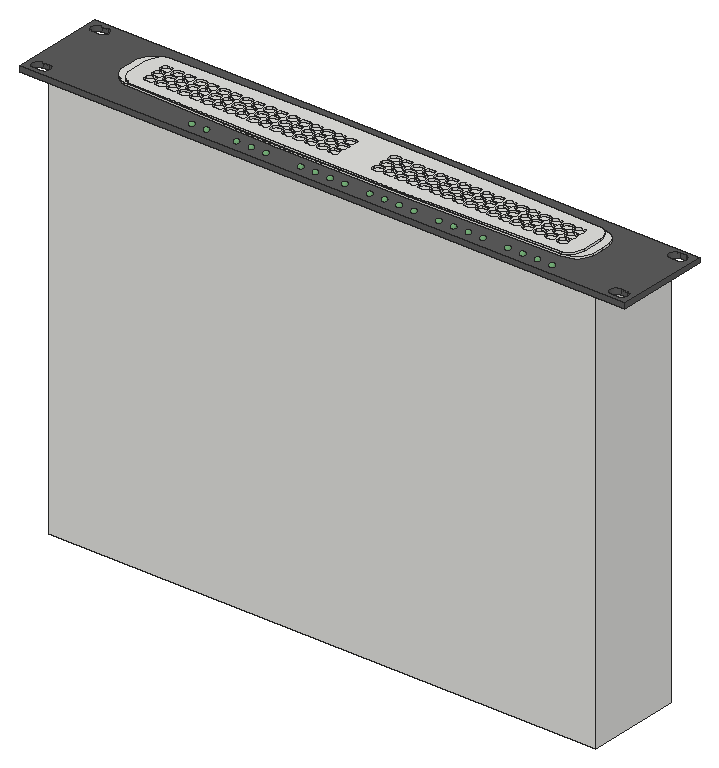
Revit family "Electronics_Amplifiers_Biamp_Vocia_VA-4030e___", category Communication Devices, host Face, Revit 2020
Family settings
  Host = Face
  Maintain Annotation Orientation = No
  Round Connector Dimension = Use Diameter
  Part Type = Normal
  OmniClass Number = 23.85.10.11.14.14.17
  OmniClass Title = Sound Amplifiers
  Cut with Voids When Loaded = Yes
  Shared = No
  Room Calculation Point = No
Parameters (values of type "VA-4030e")
  Width = 19.00"  # constant formula
  Weight = 26.20 lbf  # constant formula
  Voltage = 120 V
  URL = "https://www.biamp.com/"
  Total Output Power = "4 x 30W RMS, 120W maximum"  # constant formula
  Temperature Range = "23 - 104° F (-5 - 40° C)"  # constant formula
  THD+N = "50Hz-100Hz: < 0.5%; 100Hz-10kHz: < 0.3%"  # constant formula
  Signal to Noise Ratio = "> 88 dB, unweighted"  # constant formula
  Product data url = "https://www.bimobject.com/biamp/product/vocia-va-4030e_amplifier"
  Product Page URL = "https://www.biamp.com/products/product-families/vocia/vocia-amplifiers#vocia-va-4030e"
  Product Documentation Link = "https://downloads.biamp.com/assets/docs/default-source/data-sheets/biamp_data_sheet_vocia_va-4030e_oct18.pdf"
  Power Factor = 1
  Number of Poles = 1
  Network Connection = "RJ-45 with shielded Ethernet (CAT5, CAT5e, CAT6 or CAT7"  # constant formula
  Model = "Vocia VA-4030e"  # constant formula
  Memory = "5.625 MB"  # constant formula
  Max Power Consumption = 60 W
  Manufacturer = "Biamp"  # constant formula
  Inputs = "20 bits, 48 kHz, 5-1/3 ms (fixed)"  # constant formula
  Humidity = "0-95% relative humidity (non-condensing)"  # constant formula
  Housing Material = Biamp - Metal - Silver
  Height = 3.25"  # constant formula
  Frequency Response = "± 2dB"  # constant formula
  Description = "Vocia® VA-4030e Amplifier"  # constant formula
  Depth = 14.19922"  # constant formula
  Default Elevation = 48.00"
  Connector Description = "100-240VAC; 50/60Hz"  # constant formula
  Compliance = "EN 54-16 certified FCC Part 15B (USA) CE marked (Europe) RCM (Australia) EAC (Eurasian Customs Union) RoHS. Directive (Europe) RINA (Italy) EN 60849, AS 60849 verified"  # constant formula
  Back Panel = yes
  Assembly Code = ""
  Apparent Load = Max Power Consumption / Power Factor  # 60 VA
  Altitude = "0-10,000 ft (0-3000m) MSL"  # constant formula
Reference planes (in)
  plane 1 "Center (Front/Back)": y = 0
  plane 2: z = 0
  plane 3 "Center (Left/Right)": x = 0
  plane 4: y = 1.625
  plane 5: y = -1.625
  plane 6: x = 20.06192
  plane 7: y = 1.28165
  plane 8: y = -1.28041
Dimensions and locks (in)
  equal spacing: plane 5, plane 1 "Center (Front/Back)", plane 4
  "Height": plane 5 to plane 4
  aligned and locked: plane 2 to host face
  aligned and locked: level to host face
Automatic sketch dimensions
  host sketch curve to host sketch curve = 96.00"  (x2)
Nested families (in)
  nested 1: "VA-2060" at (10.03141, -1.625, -6.93265) x (1, 0, 0) z (0, 1, 0), type "VA-2060"
Connectors (in)
  electrical at (17.57593, 0.29866, -13.7612), driven by "Number of Poles", driven by "Voltage", driven by "Apparent Load", driven by "Power Factor", driven by "Connector Description"
    settings: on nested 1, index 1, voltage 120 V, apparent load 0 VA, apparent load phase1 60 VA, apparent load phase2 0 VA, apparent load phase3 0 VA, power factor 1, load classification "Other", number of poles 1, system type 31, power factor state 1, is connector primary yes, connector utility no, sub classification motor no, connector description "100-240VAC; 50/60Hz"
  electrical at (17.31152, -0.99844, -13.7612), driven by "Number of Poles", driven by "Apparent Load", driven by "Power Factor"
    settings: on nested 1, index 2, voltage 24 V, apparent load 60 VA, apparent load phase1 0 VA, apparent load phase2 0 VA, apparent load phase3 0 VA, power factor 1, load classification "Other", number of poles 1, system type 30, power factor state 1, is connector primary no, connector utility no, sub classification motor no, connector description "24V DC"
  electrical at (16.83158, -0.99844, -13.7612), driven by "Number of Poles", driven by "Apparent Load", driven by "Power Factor"
    settings: on nested 1, index 3, voltage 24 V, apparent load 60 VA, apparent load phase1 0 VA, apparent load phase2 0 VA, apparent load phase3 0 VA, power factor 1, load classification "Other", number of poles 1, system type 30, power factor state 1, is connector primary no, connector utility no, sub classification motor no, connector description "24V DC"
  electrical at (13.83873, -0.98373, -13.7612)
    settings: on nested 1, index 4, voltage 0 V, apparent load 0 VA, apparent load phase1 0 VA, apparent load phase2 0 VA, apparent load phase3 0 VA, power factor 1, load classification "Other", number of poles 1, system type 5, power factor state 1, is connector primary no, connector utility no, sub classification motor no, connector description "RJ-45; Primary"
  electrical at (13.05748, -0.98373, -13.7612)
    settings: on nested 1, index 5, voltage 0 V, apparent load 0 VA, apparent load phase1 0 VA, apparent load phase2 0 VA, apparent load phase3 0 VA, power factor 1, load classification "Other", number of poles 1, system type 5, power factor state 1, is connector primary no, connector utility no, sub classification motor no, connector description "RJ-45; Secondary"
  electrical at (9.65584, -0.40556, -13.7612)
    settings: on nested 1, index 6, voltage 0 V, apparent load 0 VA, apparent load phase1 0 VA, apparent load phase2 0 VA, apparent load phase3 0 VA, power factor 1, load classification "Other", number of poles 1, system type 5, power factor state 1, is connector primary no, connector utility no, sub classification motor no, connector description "Analog Input 2"
  electrical at (8.87459, -0.40556, -13.7612)
    settings: on nested 1, index 7, voltage 0 V, apparent load 0 VA, apparent load phase1 0 VA, apparent load phase2 0 VA, apparent load phase3 0 VA, power factor 1, load classification "Other", number of poles 1, system type 5, power factor state 1, is connector primary no, connector utility no, sub classification motor no, connector description "Analog Input 1"
  electrical at (9.79695, -1.08764, -13.7612)
    settings: on nested 1, index 8, voltage 0 V, apparent load 0 VA, apparent load phase1 0 VA, apparent load phase2 0 VA, apparent load phase3 0 VA, power factor 1, load classification "Other", number of poles 1, system type 5, power factor state 1, is connector primary no, connector utility no, sub classification motor no, connector description "Page Active Relay 4"
  electrical at (9.31542, -1.08764, -13.7612)
    settings: on nested 1, index 9, voltage 0 V, apparent load 0 VA, apparent load phase1 0 VA, apparent load phase2 0 VA, apparent load phase3 0 VA, power factor 1, load classification "Other", number of poles 1, system type 5, power factor state 1, is connector primary no, connector utility no, sub classification motor no, connector description "Page Active Relay 3"
  electrical at (8.83526, -1.08764, -13.7612)
    settings: on nested 1, index 10, voltage 0 V, apparent load 0 VA, apparent load phase1 0 VA, apparent load phase2 0 VA, apparent load phase3 0 VA, power factor 1, load classification "Other", number of poles 1, system type 5, power factor state 1, is connector primary no, connector utility no, sub classification motor no, connector description "Page Active Relay 2"
  electrical at (8.3526, -1.08764, -13.7612)
    settings: on nested 1, index 11, voltage 0 V, apparent load 0 VA, apparent load phase1 0 VA, apparent load phase2 0 VA, apparent load phase3 0 VA, power factor 1, load classification "Other", number of poles 1, system type 5, power factor state 1, is connector primary no, connector utility no, sub classification motor no, connector description "Page Active Relay 1"
  electrical at (7.41609, -0.99844, -13.7612)
    settings: on nested 1, index 12, voltage 0 V, apparent load 0 VA, apparent load phase1 0 VA, apparent load phase2 0 VA, apparent load phase3 0 VA, power factor 1, load classification "Other", number of poles 1, system type 5, power factor state 1, is connector primary no, connector utility no, sub classification motor no, connector description "Failover"
  electrical at (2.62594, -0.80499, -13.7612)
    settings: on nested 1, index 13, voltage 0 V, apparent load 0 VA, apparent load phase1 0 VA, apparent load phase2 0 VA, apparent load phase3 0 VA, power factor 1, load classification "Other", number of poles 1, system type 5, power factor state 1, is connector primary no, connector utility no, sub classification motor no, connector description "Output 2"
  electrical at (1.32818, -0.80499, -13.7612)
    settings: on nested 1, index 14, voltage 0 V, apparent load 0 VA, apparent load phase1 0 VA, apparent load phase2 0 VA, apparent load phase3 0 VA, power factor 1, load classification "Other", number of poles 1, system type 5, power factor state 1, is connector primary no, connector utility no, sub classification motor no, connector description "Output 1"
  electrical at (11.01268, -0.40556, -13.7612)
    settings: on nested 1, index 15, voltage 0 V, apparent load 0 VA, apparent load phase1 0 VA, apparent load phase2 0 VA, apparent load phase3 0 VA, power factor 1, load classification "Other", number of poles 1, system type 5, power factor state 1, is connector primary no, connector utility no, sub classification motor no, connector description "Analog Input 3"
  electrical at (11.79393, -0.40556, -13.7612)
    settings: on nested 1, index 16, voltage 0 V, apparent load 0 VA, apparent load phase1 0 VA, apparent load phase2 0 VA, apparent load phase3 0 VA, power factor 1, load classification "Other", number of poles 1, system type 5, power factor state 1, is connector primary no, connector utility no, sub classification motor no, connector description "Analog Input 4"
  electrical at (6.12594, -0.80499, -13.7612)
    settings: on nested 1, index 17, voltage 0 V, apparent load 0 VA, apparent load phase1 0 VA, apparent load phase2 0 VA, apparent load phase3 0 VA, power factor 1, load classification "Other", number of poles 1, system type 5, power factor state 1, is connector primary no, connector utility no, sub classification motor no, connector description "Output 4"
  electrical at (4.82818, -0.80499, -13.7612)
    settings: on nested 1, index 18, voltage 0 V, apparent load 0 VA, apparent load phase1 0 VA, apparent load phase2 0 VA, apparent load phase3 0 VA, power factor 1, load classification "Other", number of poles 1, system type 5, power factor state 1, is connector primary no, connector utility no, sub classification motor no, connector description "Output 3"
Definition of nested family "VA-2060"
  Parameters (values of type "VA-2060")
    URL = ""
    Model = ""
    Material 2 = none
    Manufacturer = ""
    Housing Material = none
    Description = ""
    Default Elevation = 48.00"
    Case = yes
    Back Panel = no
    Assembly Code = ""
  Reference planes (in)
    plane 1 "Center (Front/Back)": y = 0
    plane 2: z = 0
    plane 3 "Center (Left/Right)": x = 0
  Forms (in)
    Extrusion 1, solid
      sketch origin (0, 0, 0) x (1, 0, 0) y (0, 1, 0)
        loop
          line (-48, 48) -> (-48, -48) -> (48, -48) -> (48, 48) -> (-48, 48)
      from 0 to -12
    Extrusion 2, solid, material <- "Housing Material", visible <- "Case"
      sketch origin (0, 0, 0) x (1, 0, 0) y (0, 1, 0)
        loop
          line (-9.5, 7.09961) -> (-9.5, -6.93265) -> (9.5, -6.93265) -> (9.5, 7.09961) -> (-9.5, 7.09961)
      from 0 to 3.25
    Extrusion 3, solid
      sketch origin (0, 0, 0) x (1, 0, 0) y (0, 1, 0)
        loop
          line (-10.5, -7.09961) -> (10.5, -7.09961) -> (10.5, -6.93265) -> (-10.5, -6.93265) -> (-10.5, -7.09961)
      from 0 to 3.25
    Extrusion 4, solid, material <- "Housing Material", detail levels medium+fine
      sketch origin (0, 0, 0) x (1, 0, 0) y (0, 0, 1)
        loop
          arc (-0.58953, 2.21061) -> (-0.62863, 2.305) -> (-0.72301, 2.34409) r 0.13348
          line (-0.72301, 2.34409) -> (-0.81412, 2.34409)
          arc (-0.81412, 2.34409) -> (-0.90851, 2.305) -> (-0.9476, 2.21061) r 0.13348
          line (-0.9476, 2.21061) -> (-0.9476, 2.16963)
          arc (-0.9476, 2.16963) -> (-0.90669, 2.07086) -> (-0.80792, 2.02994) r 0.13968
          line (-0.80792, 2.02994) -> (-0.72922, 2.02994)
          arc (-0.72922, 2.02994) -> (-0.63044, 2.07086) -> (-0.58953, 2.16963) r 0.13968
          line (-0.58953, 2.16963) -> (-0.58953, 2.21061)
        loop
          arc (-0.98953, 2.21061) -> (-1.02863, 2.305) -> (-1.12301, 2.34409) r 0.13348
          line (-1.12301, 2.34409) -> (-1.21412, 2.34409)
          arc (-1.21412, 2.34409) -> (-1.30851, 2.305) -> (-1.3476, 2.21061) r 0.13348
          line (-1.3476, 2.21061) -> (-1.3476, 2.16963)
          arc (-1.3476, 2.16963) -> (-1.30669, 2.07086) -> (-1.20792, 2.02994) r 0.13968
          line (-1.20792, 2.02994) -> (-1.12922, 2.02994)
          arc (-1.12922, 2.02994) -> (-1.03044, 2.07086) -> (-0.98953, 2.16963) r 0.13968
          line (-0.98953, 2.16963) -> (-0.98953, 2.21061)
        loop
          arc (-1.38953, 2.21061) -> (-1.42863, 2.305) -> (-1.52301, 2.34409) r 0.13348
          line (-1.52301, 2.34409) -> (-1.61412, 2.34409)
          arc (-1.61412, 2.34409) -> (-1.70851, 2.305) -> (-1.7476, 2.21061) r 0.13348
          line (-1.7476, 2.21061) -> (-1.7476, 2.16963)
          arc (-1.7476, 2.16963) -> (-1.70669, 2.07086) -> (-1.60792, 2.02994) r 0.13968
          line (-1.60792, 2.02994) -> (-1.52922, 2.02994)
          arc (-1.52922, 2.02994) -> (-1.43044, 2.07086) -> (-1.38953, 2.16963) r 0.13968
          line (-1.38953, 2.16963) -> (-1.38953, 2.21061)
        loop
          arc (-1.78953, 2.21061) -> (-1.82863, 2.305) -> (-1.92301, 2.34409) r 0.13348
          line (-1.92301, 2.34409) -> (-2.01412, 2.34409)
          arc (-2.01412, 2.34409) -> (-2.10851, 2.305) -> (-2.1476, 2.21061) r 0.13348
          line (-2.1476, 2.21061) -> (-2.1476, 2.16963)
          arc (-2.1476, 2.16963) -> (-2.10669, 2.07086) -> (-2.00792, 2.02994) r 0.13968
          line (-2.00792, 2.02994) -> (-1.92922, 2.02994)
          arc (-1.92922, 2.02994) -> (-1.83044, 2.07086) -> (-1.78953, 2.16963) r 0.13968
          line (-1.78953, 2.16963) -> (-1.78953, 2.21061)
        loop
          arc (-2.18953, 2.21061) -> (-2.22863, 2.305) -> (-2.32301, 2.34409) r 0.13348
          line (-2.32301, 2.34409) -> (-2.41412, 2.34409)
          arc (-2.41412, 2.34409) -> (-2.50851, 2.305) -> (-2.5476, 2.21061) r 0.13348
          line (-2.5476, 2.21061) -> (-2.5476, 2.16963)
          arc (-2.5476, 2.16963) -> (-2.50669, 2.07086) -> (-2.40792, 2.02994) r 0.13968
          line (-2.40792, 2.02994) -> (-2.32922, 2.02994)
          arc (-2.32922, 2.02994) -> (-2.23044, 2.07086) -> (-2.18953, 2.16963) r 0.13968
          line (-2.18953, 2.16963) -> (-2.18953, 2.21061)
        loop
          arc (-2.58953, 2.21061) -> (-2.62863, 2.305) -> (-2.72301, 2.34409) r 0.13348
          line (-2.72301, 2.34409) -> (-2.81412, 2.34409)
          arc (-2.81412, 2.34409) -> (-2.90851, 2.305) -> (-2.9476, 2.21061) r 0.13348
          line (-2.9476, 2.21061) -> (-2.9476, 2.16963)
          arc (-2.9476, 2.16963) -> (-2.90669, 2.07086) -> (-2.80792, 2.02994) r 0.13968
          line (-2.80792, 2.02994) -> (-2.72922, 2.02994)
          arc (-2.72922, 2.02994) -> (-2.63044, 2.07086) -> (-2.58953, 2.16963) r 0.13968
          line (-2.58953, 2.16963) -> (-2.58953, 2.21061)
        loop
          arc (-2.98953, 2.21061) -> (-3.02863, 2.305) -> (-3.12301, 2.34409) r 0.13348
          line (-3.12301, 2.34409) -> (-3.21412, 2.34409)
          arc (-3.21412, 2.34409) -> (-3.30851, 2.305) -> (-3.3476, 2.21061) r 0.13348
          line (-3.3476, 2.21061) -> (-3.3476, 2.16963)
          arc (-3.3476, 2.16963) -> (-3.30669, 2.07086) -> (-3.20792, 2.02994) r 0.13968
          line (-3.20792, 2.02994) -> (-3.12922, 2.02994)
          arc (-3.12922, 2.02994) -> (-3.03044, 2.07086) -> (-2.98953, 2.16963) r 0.13968
          line (-2.98953, 2.16963) -> (-2.98953, 2.21061)
        loop
          arc (-3.38953, 2.21061) -> (-3.42863, 2.305) -> (-3.52301, 2.34409) r 0.13348
          line (-3.52301, 2.34409) -> (-3.61412, 2.34409)
          arc (-3.61412, 2.34409) -> (-3.70851, 2.305) -> (-3.7476, 2.21061) r 0.13348
          line (-3.7476, 2.21061) -> (-3.7476, 2.16963)
          arc (-3.7476, 2.16963) -> (-3.70669, 2.07086) -> (-3.60792, 2.02994) r 0.13968
          line (-3.60792, 2.02994) -> (-3.52922, 2.02994)
          arc (-3.52922, 2.02994) -> (-3.43044, 2.07086) -> (-3.38953, 2.16963) r 0.13968
          line (-3.38953, 2.16963) -> (-3.38953, 2.21061)
        loop
          arc (-3.78953, 2.21061) -> (-3.82863, 2.305) -> (-3.92301, 2.34409) r 0.13348
          line (-3.92301, 2.34409) -> (-4.01412, 2.34409)
          arc (-4.01412, 2.34409) -> (-4.10851, 2.305) -> (-4.1476, 2.21061) r 0.13348
          line (-4.1476, 2.21061) -> (-4.1476, 2.16963)
          arc (-4.1476, 2.16963) -> (-4.10669, 2.07086) -> (-4.00792, 2.02994) r 0.13968
          line (-4.00792, 2.02994) -> (-3.92922, 2.02994)
          arc (-3.92922, 2.02994) -> (-3.83044, 2.07086) -> (-3.78953, 2.16963) r 0.13968
          line (-3.78953, 2.16963) -> (-3.78953, 2.21061)
        loop
          arc (-4.18953, 2.21061) -> (-4.22863, 2.305) -> (-4.32301, 2.34409) r 0.13348
          line (-4.32301, 2.34409) -> (-4.41412, 2.34409)
          arc (-4.41412, 2.34409) -> (-4.50851, 2.305) -> (-4.5476, 2.21061) r 0.13348
          line (-4.5476, 2.21061) -> (-4.5476, 2.16963)
          arc (-4.5476, 2.16963) -> (-4.50669, 2.07086) -> (-4.40792, 2.02994) r 0.13968
          line (-4.40792, 2.02994) -> (-4.32922, 2.02994)
          arc (-4.32922, 2.02994) -> (-4.23044, 2.07086) -> (-4.18953, 2.16963) r 0.13968
          line (-4.18953, 2.16963) -> (-4.18953, 2.21061)
        loop
          arc (-4.58953, 2.21061) -> (-4.62863, 2.305) -> (-4.72301, 2.34409) r 0.13348
          line (-4.72301, 2.34409) -> (-4.81412, 2.34409)
          arc (-4.81412, 2.34409) -> (-4.90851, 2.305) -> (-4.9476, 2.21061) r 0.13348
          line (-4.9476, 2.21061) -> (-4.9476, 2.16963)
          arc (-4.9476, 2.16963) -> (-4.90669, 2.07086) -> (-4.80792, 2.02994) r 0.13968
          line (-4.80792, 2.02994) -> (-4.72922, 2.02994)
          arc (-4.72922, 2.02994) -> (-4.63044, 2.07086) -> (-4.58953, 2.16963) r 0.13968
          line (-4.58953, 2.16963) -> (-4.58953, 2.21061)
        loop
          arc (-4.98953, 2.21061) -> (-5.02863, 2.305) -> (-5.12301, 2.34409) r 0.13348
          line (-5.12301, 2.34409) -> (-5.21412, 2.34409)
          arc (-5.21412, 2.34409) -> (-5.30851, 2.305) -> (-5.3476, 2.21061) r 0.13348
          line (-5.3476, 2.21061) -> (-5.3476, 2.16963)
          arc (-5.3476, 2.16963) -> (-5.30669, 2.07086) -> (-5.20792, 2.02994) r 0.13968
          line (-5.20792, 2.02994) -> (-5.12922, 2.02994)
          arc (-5.12922, 2.02994) -> (-5.03044, 2.07086) -> (-4.98953, 2.16963) r 0.13968
          line (-4.98953, 2.16963) -> (-4.98953, 2.21061)
        loop
          arc (-5.38953, 2.21061) -> (-5.42863, 2.305) -> (-5.52301, 2.34409) r 0.13348
          line (-5.52301, 2.34409) -> (-5.61412, 2.34409)
          arc (-5.61412, 2.34409) -> (-5.70851, 2.305) -> (-5.7476, 2.21061) r 0.13348
          line (-5.7476, 2.21061) -> (-5.7476, 2.16963)
          arc (-5.7476, 2.16963) -> (-5.70669, 2.07086) -> (-5.60792, 2.02994) r 0.13968
          line (-5.60792, 2.02994) -> (-5.52922, 2.02994)
          arc (-5.52922, 2.02994) -> (-5.43044, 2.07086) -> (-5.38953, 2.16963) r 0.13968
          line (-5.38953, 2.16963) -> (-5.38953, 2.21061)
        loop
          arc (-5.78953, 2.21061) -> (-5.82863, 2.305) -> (-5.92301, 2.34409) r 0.13348
          line (-5.92301, 2.34409) -> (-6.01412, 2.34409)
          arc (-6.01412, 2.34409) -> (-6.10851, 2.305) -> (-6.1476, 2.21061) r 0.13348
          line (-6.1476, 2.21061) -> (-6.1476, 2.16963)
          arc (-6.1476, 2.16963) -> (-6.10669, 2.07086) -> (-6.00792, 2.02994) r 0.13968
          line (-6.00792, 2.02994) -> (-5.92922, 2.02994)
          arc (-5.92922, 2.02994) -> (-5.83044, 2.07086) -> (-5.78953, 2.16963) r 0.13968
          line (-5.78953, 2.16963) -> (-5.78953, 2.21061)
        loop
          arc (-6.18953, 2.21061) -> (-6.22863, 2.305) -> (-6.32301, 2.34409) r 0.13348
          line (-6.32301, 2.34409) -> (-6.41412, 2.34409)
          arc (-6.41412, 2.34409) -> (-6.50851, 2.305) -> (-6.5476, 2.21061) r 0.13348
          line (-6.5476, 2.21061) -> (-6.5476, 2.16963)
          arc (-6.5476, 2.16963) -> (-6.50669, 2.07086) -> (-6.40792, 2.02994) r 0.13968
          line (-6.40792, 2.02994) -> (-6.32922, 2.02994)
          arc (-6.32922, 2.02994) -> (-6.23044, 2.07086) -> (-6.18953, 2.16963) r 0.13968
          line (-6.18953, 2.16963) -> (-6.18953, 2.21061)
        loop
          arc (-6.58953, 2.21061) -> (-6.62863, 2.305) -> (-6.72301, 2.34409) r 0.13348
          line (-6.72301, 2.34409) -> (-6.81412, 2.34409)
          arc (-6.81412, 2.34409) -> (-6.90851, 2.305) -> (-6.9476, 2.21061) r 0.13348
          line (-6.9476, 2.21061) -> (-6.9476, 2.16963)
          arc (-6.9476, 2.16963) -> (-6.90669, 2.07086) -> (-6.80792, 2.02994) r 0.13968
          line (-6.80792, 2.02994) -> (-6.72922, 2.02994)
          arc (-6.72922, 2.02994) -> (-6.63044, 2.07086) -> (-6.58953, 2.16963) r 0.13968
          line (-6.58953, 2.16963) -> (-6.58953, 2.21061)
        loop
          arc (-6.98953, 2.21061) -> (-7.02863, 2.305) -> (-7.12301, 2.34409) r 0.13348
          line (-7.12301, 2.34409) -> (-7.21412, 2.34409)
          arc (-7.21412, 2.34409) -> (-7.30851, 2.305) -> (-7.3476, 2.21061) r 0.13348
          line (-7.3476, 2.21061) -> (-7.3476, 2.16963)
          arc (-7.3476, 2.16963) -> (-7.30669, 2.07086) -> (-7.20792, 2.02994) r 0.13968
          line (-7.20792, 2.02994) -> (-7.12922, 2.02994)
          arc (-7.12922, 2.02994) -> (-7.03044, 2.07086) -> (-6.98953, 2.16963) r 0.13968
          line (-6.98953, 2.16963) -> (-6.98953, 2.21061)
        loop
          arc (-0.58953, 1.86061) -> (-0.62863, 1.955) -> (-0.72301, 1.99409) r 0.13348
          line (-0.72301, 1.99409) -> (-0.81412, 1.99409)
          arc (-0.81412, 1.99409) -> (-0.90851, 1.955) -> (-0.9476, 1.86061) r 0.13348
          line (-0.9476, 1.86061) -> (-0.9476, 1.81963)
          arc (-0.9476, 1.81963) -> (-0.90669, 1.72086) -> (-0.80792, 1.67994) r 0.13968
          line (-0.80792, 1.67994) -> (-0.72922, 1.67994)
          arc (-0.72922, 1.67994) -> (-0.63044, 1.72086) -> (-0.58953, 1.81963) r 0.13968
          line (-0.58953, 1.81963) -> (-0.58953, 1.86061)
        loop
          arc (-0.98953, 1.86061) -> (-1.02863, 1.955) -> (-1.12301, 1.99409) r 0.13348
          line (-1.12301, 1.99409) -> (-1.21412, 1.99409)
          arc (-1.21412, 1.99409) -> (-1.30851, 1.955) -> (-1.3476, 1.86061) r 0.13348
          line (-1.3476, 1.86061) -> (-1.3476, 1.81963)
          arc (-1.3476, 1.81963) -> (-1.30669, 1.72086) -> (-1.20792, 1.67994) r 0.13968
          line (-1.20792, 1.67994) -> (-1.12922, 1.67994)
          arc (-1.12922, 1.67994) -> (-1.03044, 1.72086) -> (-0.98953, 1.81963) r 0.13968
          line (-0.98953, 1.81963) -> (-0.98953, 1.86061)
        loop
          arc (-1.38953, 1.86061) -> (-1.42863, 1.955) -> (-1.52301, 1.99409) r 0.13348
          line (-1.52301, 1.99409) -> (-1.61412, 1.99409)
          arc (-1.61412, 1.99409) -> (-1.70851, 1.955) -> (-1.7476, 1.86061) r 0.13348
          line (-1.7476, 1.86061) -> (-1.7476, 1.81963)
          arc (-1.7476, 1.81963) -> (-1.70669, 1.72086) -> (-1.60792, 1.67994) r 0.13968
          line (-1.60792, 1.67994) -> (-1.52922, 1.67994)
          arc (-1.52922, 1.67994) -> (-1.43044, 1.72086) -> (-1.38953, 1.81963) r 0.13968
          line (-1.38953, 1.81963) -> (-1.38953, 1.86061)
        loop
          arc (-1.78953, 1.86061) -> (-1.82863, 1.955) -> (-1.92301, 1.99409) r 0.13348
          line (-1.92301, 1.99409) -> (-2.01412, 1.99409)
          arc (-2.01412, 1.99409) -> (-2.10851, 1.955) -> (-2.1476, 1.86061) r 0.13348
          line (-2.1476, 1.86061) -> (-2.1476, 1.81963)
          arc (-2.1476, 1.81963) -> (-2.10669, 1.72086) -> (-2.00792, 1.67994) r 0.13968
          line (-2.00792, 1.67994) -> (-1.92922, 1.67994)
          arc (-1.92922, 1.67994) -> (-1.83044, 1.72086) -> (-1.78953, 1.81963) r 0.13968
          line (-1.78953, 1.81963) -> (-1.78953, 1.86061)
        loop
          arc (-2.18953, 1.86061) -> (-2.22863, 1.955) -> (-2.32301, 1.99409) r 0.13348
          line (-2.32301, 1.99409) -> (-2.41412, 1.99409)
          arc (-2.41412, 1.99409) -> (-2.50851, 1.955) -> (-2.5476, 1.86061) r 0.13348
          line (-2.5476, 1.86061) -> (-2.5476, 1.81963)
          arc (-2.5476, 1.81963) -> (-2.50669, 1.72086) -> (-2.40792, 1.67994) r 0.13968
          line (-2.40792, 1.67994) -> (-2.32922, 1.67994)
          arc (-2.32922, 1.67994) -> (-2.23044, 1.72086) -> (-2.18953, 1.81963) r 0.13968
          line (-2.18953, 1.81963) -> (-2.18953, 1.86061)
        loop
          arc (-2.58953, 1.86061) -> (-2.62863, 1.955) -> (-2.72301, 1.99409) r 0.13348
          line (-2.72301, 1.99409) -> (-2.81412, 1.99409)
          arc (-2.81412, 1.99409) -> (-2.90851, 1.955) -> (-2.9476, 1.86061) r 0.13348
          line (-2.9476, 1.86061) -> (-2.9476, 1.81963)
          arc (-2.9476, 1.81963) -> (-2.90669, 1.72086) -> (-2.80792, 1.67994) r 0.13968
          line (-2.80792, 1.67994) -> (-2.72922, 1.67994)
          arc (-2.72922, 1.67994) -> (-2.63044, 1.72086) -> (-2.58953, 1.81963) r 0.13968
          line (-2.58953, 1.81963) -> (-2.58953, 1.86061)
        loop
          arc (-2.98953, 1.86061) -> (-3.02863, 1.955) -> (-3.12301, 1.99409) r 0.13348
          line (-3.12301, 1.99409) -> (-3.21412, 1.99409)
          arc (-3.21412, 1.99409) -> (-3.30851, 1.955) -> (-3.3476, 1.86061) r 0.13348
          line (-3.3476, 1.86061) -> (-3.3476, 1.81963)
          arc (-3.3476, 1.81963) -> (-3.30669, 1.72086) -> (-3.20792, 1.67994) r 0.13968
          line (-3.20792, 1.67994) -> (-3.12922, 1.67994)
          arc (-3.12922, 1.67994) -> (-3.03044, 1.72086) -> (-2.98953, 1.81963) r 0.13968
          line (-2.98953, 1.81963) -> (-2.98953, 1.86061)
        loop
          arc (-3.38953, 1.86061) -> (-3.42863, 1.955) -> (-3.52301, 1.99409) r 0.13348
          line (-3.52301, 1.99409) -> (-3.61412, 1.99409)
          arc (-3.61412, 1.99409) -> (-3.70851, 1.955) -> (-3.7476, 1.86061) r 0.13348
          line (-3.7476, 1.86061) -> (-3.7476, 1.81963)
          arc (-3.7476, 1.81963) -> (-3.70669, 1.72086) -> (-3.60792, 1.67994) r 0.13968
          line (-3.60792, 1.67994) -> (-3.52922, 1.67994)
          arc (-3.52922, 1.67994) -> (-3.43044, 1.72086) -> (-3.38953, 1.81963) r 0.13968
          line (-3.38953, 1.81963) -> (-3.38953, 1.86061)
        loop
          arc (-3.78953, 1.86061) -> (-3.82863, 1.955) -> (-3.92301, 1.99409) r 0.13348
          line (-3.92301, 1.99409) -> (-4.01412, 1.99409)
          arc (-4.01412, 1.99409) -> (-4.10851, 1.955) -> (-4.1476, 1.86061) r 0.13348
          line (-4.1476, 1.86061) -> (-4.1476, 1.81963)
          arc (-4.1476, 1.81963) -> (-4.10669, 1.72086) -> (-4.00792, 1.67994) r 0.13968
          line (-4.00792, 1.67994) -> (-3.92922, 1.67994)
          arc (-3.92922, 1.67994) -> (-3.83044, 1.72086) -> (-3.78953, 1.81963) r 0.13968
          line (-3.78953, 1.81963) -> (-3.78953, 1.86061)
        loop
          arc (-4.18953, 1.86061) -> (-4.22863, 1.955) -> (-4.32301, 1.99409) r 0.13348
          line (-4.32301, 1.99409) -> (-4.41412, 1.99409)
          arc (-4.41412, 1.99409) -> (-4.50851, 1.955) -> (-4.5476, 1.86061) r 0.13348
          line (-4.5476, 1.86061) -> (-4.5476, 1.81963)
          arc (-4.5476, 1.81963) -> (-4.50669, 1.72086) -> (-4.40792, 1.67994) r 0.13968
          line (-4.40792, 1.67994) -> (-4.32922, 1.67994)
          arc (-4.32922, 1.67994) -> (-4.23044, 1.72086) -> (-4.18953, 1.81963) r 0.13968
          line (-4.18953, 1.81963) -> (-4.18953, 1.86061)
        loop
          arc (-4.58953, 1.86061) -> (-4.62863, 1.955) -> (-4.72301, 1.99409) r 0.13348
          line (-4.72301, 1.99409) -> (-4.81412, 1.99409)
          arc (-4.81412, 1.99409) -> (-4.90851, 1.955) -> (-4.9476, 1.86061) r 0.13348
          line (-4.9476, 1.86061) -> (-4.9476, 1.81963)
          arc (-4.9476, 1.81963) -> (-4.90669, 1.72086) -> (-4.80792, 1.67994) r 0.13968
          line (-4.80792, 1.67994) -> (-4.72922, 1.67994)
          arc (-4.72922, 1.67994) -> (-4.63044, 1.72086) -> (-4.58953, 1.81963) r 0.13968
          line (-4.58953, 1.81963) -> (-4.58953, 1.86061)
        loop
          arc (-4.98953, 1.86061) -> (-5.02863, 1.955) -> (-5.12301, 1.99409) r 0.13348
          line (-5.12301, 1.99409) -> (-5.21412, 1.99409)
          arc (-5.21412, 1.99409) -> (-5.30851, 1.955) -> (-5.3476, 1.86061) r 0.13348
          line (-5.3476, 1.86061) -> (-5.3476, 1.81963)
          arc (-5.3476, 1.81963) -> (-5.30669, 1.72086) -> (-5.20792, 1.67994) r 0.13968
          line (-5.20792, 1.67994) -> (-5.12922, 1.67994)
          arc (-5.12922, 1.67994) -> (-5.03044, 1.72086) -> (-4.98953, 1.81963) r 0.13968
          line (-4.98953, 1.81963) -> (-4.98953, 1.86061)
        loop
          arc (-5.38953, 1.86061) -> (-5.42863, 1.955) -> (-5.52301, 1.99409) r 0.13348
          line (-5.52301, 1.99409) -> (-5.61412, 1.99409)
          arc (-5.61412, 1.99409) -> (-5.70851, 1.955) -> (-5.7476, 1.86061) r 0.13348
          line (-5.7476, 1.86061) -> (-5.7476, 1.81963)
          arc (-5.7476, 1.81963) -> (-5.70669, 1.72086) -> (-5.60792, 1.67994) r 0.13968
          line (-5.60792, 1.67994) -> (-5.52922, 1.67994)
          arc (-5.52922, 1.67994) -> (-5.43044, 1.72086) -> (-5.38953, 1.81963) r 0.13968
          line (-5.38953, 1.81963) -> (-5.38953, 1.86061)
        loop
          arc (-5.78953, 1.86061) -> (-5.82863, 1.955) -> (-5.92301, 1.99409) r 0.13348
          line (-5.92301, 1.99409) -> (-6.01412, 1.99409)
          arc (-6.01412, 1.99409) -> (-6.10851, 1.955) -> (-6.1476, 1.86061) r 0.13348
          line (-6.1476, 1.86061) -> (-6.1476, 1.81963)
          arc (-6.1476, 1.81963) -> (-6.10669, 1.72086) -> (-6.00792, 1.67994) r 0.13968
          line (-6.00792, 1.67994) -> (-5.92922, 1.67994)
          arc (-5.92922, 1.67994) -> (-5.83044, 1.72086) -> (-5.78953, 1.81963) r 0.13968
          line (-5.78953, 1.81963) -> (-5.78953, 1.86061)
        loop
          arc (-6.18953, 1.86061) -> (-6.22863, 1.955) -> (-6.32301, 1.99409) r 0.13348
          line (-6.32301, 1.99409) -> (-6.41412, 1.99409)
          arc (-6.41412, 1.99409) -> (-6.50851, 1.955) -> (-6.5476, 1.86061) r 0.13348
          line (-6.5476, 1.86061) -> (-6.5476, 1.81963)
          arc (-6.5476, 1.81963) -> (-6.50669, 1.72086) -> (-6.40792, 1.67994) r 0.13968
          line (-6.40792, 1.67994) -> (-6.32922, 1.67994)
          arc (-6.32922, 1.67994) -> (-6.23044, 1.72086) -> (-6.18953, 1.81963) r 0.13968
          line (-6.18953, 1.81963) -> (-6.18953, 1.86061)
        loop
          arc (-6.58953, 1.86061) -> (-6.62863, 1.955) -> (-6.72301, 1.99409) r 0.13348
          line (-6.72301, 1.99409) -> (-6.81412, 1.99409)
          arc (-6.81412, 1.99409) -> (-6.90851, 1.955) -> (-6.9476, 1.86061) r 0.13348
          line (-6.9476, 1.86061) -> (-6.9476, 1.81963)
          arc (-6.9476, 1.81963) -> (-6.90669, 1.72086) -> (-6.80792, 1.67994) r 0.13968
          line (-6.80792, 1.67994) -> (-6.72922, 1.67994)
          arc (-6.72922, 1.67994) -> (-6.63044, 1.72086) -> (-6.58953, 1.81963) r 0.13968
          line (-6.58953, 1.81963) -> (-6.58953, 1.86061)
        loop
          arc (-6.98953, 1.86061) -> (-7.02863, 1.955) -> (-7.12301, 1.99409) r 0.13348
          line (-7.12301, 1.99409) -> (-7.21412, 1.99409)
          arc (-7.21412, 1.99409) -> (-7.30851, 1.955) -> (-7.3476, 1.86061) r 0.13348
          line (-7.3476, 1.86061) -> (-7.3476, 1.81963)
          arc (-7.3476, 1.81963) -> (-7.30669, 1.72086) -> (-7.20792, 1.67994) r 0.13968
          line (-7.20792, 1.67994) -> (-7.12922, 1.67994)
          arc (-7.12922, 1.67994) -> (-7.03044, 1.72086) -> (-6.98953, 1.81963) r 0.13968
          line (-6.98953, 1.81963) -> (-6.98953, 1.86061)
        loop
          arc (-0.58953, 1.51061) -> (-0.62863, 1.605) -> (-0.72301, 1.64409) r 0.13348
          line (-0.72301, 1.64409) -> (-0.81412, 1.64409)
          arc (-0.81412, 1.64409) -> (-0.90851, 1.605) -> (-0.9476, 1.51061) r 0.13348
          line (-0.9476, 1.51061) -> (-0.9476, 1.46963)
          arc (-0.9476, 1.46963) -> (-0.90669, 1.37086) -> (-0.80792, 1.32994) r 0.13968
          line (-0.80792, 1.32994) -> (-0.72922, 1.32994)
          arc (-0.72922, 1.32994) -> (-0.63044, 1.37086) -> (-0.58953, 1.46963) r 0.13968
          line (-0.58953, 1.46963) -> (-0.58953, 1.51061)
        loop
          arc (-0.98953, 1.51061) -> (-1.02863, 1.605) -> (-1.12301, 1.64409) r 0.13348
          line (-1.12301, 1.64409) -> (-1.21412, 1.64409)
          arc (-1.21412, 1.64409) -> (-1.30851, 1.605) -> (-1.3476, 1.51061) r 0.13348
          line (-1.3476, 1.51061) -> (-1.3476, 1.46963)
          arc (-1.3476, 1.46963) -> (-1.30669, 1.37086) -> (-1.20792, 1.32994) r 0.13968
          line (-1.20792, 1.32994) -> (-1.12922, 1.32994)
          arc (-1.12922, 1.32994) -> (-1.03044, 1.37086) -> (-0.98953, 1.46963) r 0.13968
          line (-0.98953, 1.46963) -> (-0.98953, 1.51061)
        loop
          arc (-1.38953, 1.51061) -> (-1.42863, 1.605) -> (-1.52301, 1.64409) r 0.13348
          line (-1.52301, 1.64409) -> (-1.61412, 1.64409)
          arc (-1.61412, 1.64409) -> (-1.70851, 1.605) -> (-1.7476, 1.51061) r 0.13348
          line (-1.7476, 1.51061) -> (-1.7476, 1.46963)
          arc (-1.7476, 1.46963) -> (-1.70669, 1.37086) -> (-1.60792, 1.32994) r 0.13968
          line (-1.60792, 1.32994) -> (-1.52922, 1.32994)
          arc (-1.52922, 1.32994) -> (-1.43044, 1.37086) -> (-1.38953, 1.46963) r 0.13968
          line (-1.38953, 1.46963) -> (-1.38953, 1.51061)
        loop
          arc (-1.78953, 1.51061) -> (-1.82863, 1.605) -> (-1.92301, 1.64409) r 0.13348
          line (-1.92301, 1.64409) -> (-2.01412, 1.64409)
          arc (-2.01412, 1.64409) -> (-2.10851, 1.605) -> (-2.1476, 1.51061) r 0.13348
          line (-2.1476, 1.51061) -> (-2.1476, 1.46963)
          arc (-2.1476, 1.46963) -> (-2.10669, 1.37086) -> (-2.00792, 1.32994) r 0.13968
          line (-2.00792, 1.32994) -> (-1.92922, 1.32994)
          arc (-1.92922, 1.32994) -> (-1.83044, 1.37086) -> (-1.78953, 1.46963) r 0.13968
          line (-1.78953, 1.46963) -> (-1.78953, 1.51061)
        loop
          arc (-2.18953, 1.51061) -> (-2.22863, 1.605) -> (-2.32301, 1.64409) r 0.13348
          line (-2.32301, 1.64409) -> (-2.41412, 1.64409)
          arc (-2.41412, 1.64409) -> (-2.50851, 1.605) -> (-2.5476, 1.51061) r 0.13348
          line (-2.5476, 1.51061) -> (-2.5476, 1.46963)
          arc (-2.5476, 1.46963) -> (-2.50669, 1.37086) -> (-2.40792, 1.32994) r 0.13968
          line (-2.40792, 1.32994) -> (-2.32922, 1.32994)
          arc (-2.32922, 1.32994) -> (-2.23044, 1.37086) -> (-2.18953, 1.46963) r 0.13968
          line (-2.18953, 1.46963) -> (-2.18953, 1.51061)
        loop
          arc (-2.58953, 1.51061) -> (-2.62863, 1.605) -> (-2.72301, 1.64409) r 0.13348
          line (-2.72301, 1.64409) -> (-2.81412, 1.64409)
          arc (-2.81412, 1.64409) -> (-2.90851, 1.605) -> (-2.9476, 1.51061) r 0.13348
          line (-2.9476, 1.51061) -> (-2.9476, 1.46963)
          arc (-2.9476, 1.46963) -> (-2.90669, 1.37086) -> (-2.80792, 1.32994) r 0.13968
          line (-2.80792, 1.32994) -> (-2.72922, 1.32994)
          arc (-2.72922, 1.32994) -> (-2.63044, 1.37086) -> (-2.58953, 1.46963) r 0.13968
          line (-2.58953, 1.46963) -> (-2.58953, 1.51061)
        loop
          arc (-2.98953, 1.51061) -> (-3.02863, 1.605) -> (-3.12301, 1.64409) r 0.13348
          line (-3.12301, 1.64409) -> (-3.21412, 1.64409)
          arc (-3.21412, 1.64409) -> (-3.30851, 1.605) -> (-3.3476, 1.51061) r 0.13348
          line (-3.3476, 1.51061) -> (-3.3476, 1.46963)
          arc (-3.3476, 1.46963) -> (-3.30669, 1.37086) -> (-3.20792, 1.32994) r 0.13968
          line (-3.20792, 1.32994) -> (-3.12922, 1.32994)
          arc (-3.12922, 1.32994) -> (-3.03044, 1.37086) -> (-2.98953, 1.46963) r 0.13968
          line (-2.98953, 1.46963) -> (-2.98953, 1.51061)
        loop
          arc (-3.38953, 1.51061) -> (-3.42863, 1.605) -> (-3.52301, 1.64409) r 0.13348
          line (-3.52301, 1.64409) -> (-3.61412, 1.64409)
          arc (-3.61412, 1.64409) -> (-3.70851, 1.605) -> (-3.7476, 1.51061) r 0.13348
          line (-3.7476, 1.51061) -> (-3.7476, 1.46963)
          arc (-3.7476, 1.46963) -> (-3.70669, 1.37086) -> (-3.60792, 1.32994) r 0.13968
          line (-3.60792, 1.32994) -> (-3.52922, 1.32994)
          arc (-3.52922, 1.32994) -> (-3.43044, 1.37086) -> (-3.38953, 1.46963) r 0.13968
          line (-3.38953, 1.46963) -> (-3.38953, 1.51061)
        loop
          arc (-3.78953, 1.51061) -> (-3.82863, 1.605) -> (-3.92301, 1.64409) r 0.13348
          line (-3.92301, 1.64409) -> (-4.01412, 1.64409)
          arc (-4.01412, 1.64409) -> (-4.10851, 1.605) -> (-4.1476, 1.51061) r 0.13348
          line (-4.1476, 1.51061) -> (-4.1476, 1.46963)
          arc (-4.1476, 1.46963) -> (-4.10669, 1.37086) -> (-4.00792, 1.32994) r 0.13968
          line (-4.00792, 1.32994) -> (-3.92922, 1.32994)
          arc (-3.92922, 1.32994) -> (-3.83044, 1.37086) -> (-3.78953, 1.46963) r 0.13968
          line (-3.78953, 1.46963) -> (-3.78953, 1.51061)
        loop
          arc (-4.18953, 1.51061) -> (-4.22863, 1.605) -> (-4.32301, 1.64409) r 0.13348
          line (-4.32301, 1.64409) -> (-4.41412, 1.64409)
          arc (-4.41412, 1.64409) -> (-4.50851, 1.605) -> (-4.5476, 1.51061) r 0.13348
          line (-4.5476, 1.51061) -> (-4.5476, 1.46963)
          arc (-4.5476, 1.46963) -> (-4.50669, 1.37086) -> (-4.40792, 1.32994) r 0.13968
          line (-4.40792, 1.32994) -> (-4.32922, 1.32994)
          arc (-4.32922, 1.32994) -> (-4.23044, 1.37086) -> (-4.18953, 1.46963) r 0.13968
          line (-4.18953, 1.46963) -> (-4.18953, 1.51061)
        loop
          arc (-4.58953, 1.51061) -> (-4.62863, 1.605) -> (-4.72301, 1.64409) r 0.13348
          line (-4.72301, 1.64409) -> (-4.81412, 1.64409)
          arc (-4.81412, 1.64409) -> (-4.90851, 1.605) -> (-4.9476, 1.51061) r 0.13348
          line (-4.9476, 1.51061) -> (-4.9476, 1.46963)
          arc (-4.9476, 1.46963) -> (-4.90669, 1.37086) -> (-4.80792, 1.32994) r 0.13968
          line (-4.80792, 1.32994) -> (-4.72922, 1.32994)
          arc (-4.72922, 1.32994) -> (-4.63044, 1.37086) -> (-4.58953, 1.46963) r 0.13968
          line (-4.58953, 1.46963) -> (-4.58953, 1.51061)
        loop
          arc (-4.98953, 1.51061) -> (-5.02863, 1.605) -> (-5.12301, 1.64409) r 0.13348
          line (-5.12301, 1.64409) -> (-5.21412, 1.64409)
          arc (-5.21412, 1.64409) -> (-5.30851, 1.605) -> (-5.3476, 1.51061) r 0.13348
          line (-5.3476, 1.51061) -> (-5.3476, 1.46963)
          arc (-5.3476, 1.46963) -> (-5.30669, 1.37086) -> (-5.20792, 1.32994) r 0.13968
          line (-5.20792, 1.32994) -> (-5.12922, 1.32994)
          arc (-5.12922, 1.32994) -> (-5.03044, 1.37086) -> (-4.98953, 1.46963) r 0.13968
          line (-4.98953, 1.46963) -> (-4.98953, 1.51061)
        loop
          arc (-5.38953, 1.51061) -> (-5.42863, 1.605) -> (-5.52301, 1.64409) r 0.13348
          line (-5.52301, 1.64409) -> (-5.61412, 1.64409)
          arc (-5.61412, 1.64409) -> (-5.70851, 1.605) -> (-5.7476, 1.51061) r 0.13348
          line (-5.7476, 1.51061) -> (-5.7476, 1.46963)
          arc (-5.7476, 1.46963) -> (-5.70669, 1.37086) -> (-5.60792, 1.32994) r 0.13968
          line (-5.60792, 1.32994) -> (-5.52922, 1.32994)
          arc (-5.52922, 1.32994) -> (-5.43044, 1.37086) -> (-5.38953, 1.46963) r 0.13968
          line (-5.38953, 1.46963) -> (-5.38953, 1.51061)
        loop
          arc (-5.78953, 1.51061) -> (-5.82863, 1.605) -> (-5.92301, 1.64409) r 0.13348
          line (-5.92301, 1.64409) -> (-6.01412, 1.64409)
          arc (-6.01412, 1.64409) -> (-6.10851, 1.605) -> (-6.1476, 1.51061) r 0.13348
          line (-6.1476, 1.51061) -> (-6.1476, 1.46963)
          arc (-6.1476, 1.46963) -> (-6.10669, 1.37086) -> (-6.00792, 1.32994) r 0.13968
          line (-6.00792, 1.32994) -> (-5.92922, 1.32994)
          arc (-5.92922, 1.32994) -> (-5.83044, 1.37086) -> (-5.78953, 1.46963) r 0.13968
          line (-5.78953, 1.46963) -> (-5.78953, 1.51061)
        loop
          arc (-6.18953, 1.51061) -> (-6.22863, 1.605) -> (-6.32301, 1.64409) r 0.13348
          line (-6.32301, 1.64409) -> (-6.41412, 1.64409)
          arc (-6.41412, 1.64409) -> (-6.50851, 1.605) -> (-6.5476, 1.51061) r 0.13348
          line (-6.5476, 1.51061) -> (-6.5476, 1.46963)
          arc (-6.5476, 1.46963) -> (-6.50669, 1.37086) -> (-6.40792, 1.32994) r 0.13968
          line (-6.40792, 1.32994) -> (-6.32922, 1.32994)
          arc (-6.32922, 1.32994) -> (-6.23044, 1.37086) -> (-6.18953, 1.46963) r 0.13968
          line (-6.18953, 1.46963) -> (-6.18953, 1.51061)
        loop
          arc (-6.58953, 1.51061) -> (-6.62863, 1.605) -> (-6.72301, 1.64409) r 0.13348
          line (-6.72301, 1.64409) -> (-6.81412, 1.64409)
          arc (-6.81412, 1.64409) -> (-6.90851, 1.605) -> (-6.9476, 1.51061) r 0.13348
          line (-6.9476, 1.51061) -> (-6.9476, 1.46963)
          arc (-6.9476, 1.46963) -> (-6.90669, 1.37086) -> (-6.80792, 1.32994) r 0.13968
          line (-6.80792, 1.32994) -> (-6.72922, 1.32994)
          arc (-6.72922, 1.32994) -> (-6.63044, 1.37086) -> (-6.58953, 1.46963) r 0.13968
          line (-6.58953, 1.46963) -> (-6.58953, 1.51061)
        loop
          arc (-6.98953, 1.51061) -> (-7.02863, 1.605) -> (-7.12301, 1.64409) r 0.13348
          line (-7.12301, 1.64409) -> (-7.21412, 1.64409)
          arc (-7.21412, 1.64409) -> (-7.30851, 1.605) -> (-7.3476, 1.51061) r 0.13348
          line (-7.3476, 1.51061) -> (-7.3476, 1.46963)
          arc (-7.3476, 1.46963) -> (-7.30669, 1.37086) -> (-7.20792, 1.32994) r 0.13968
          line (-7.20792, 1.32994) -> (-7.12922, 1.32994)
          arc (-7.12922, 1.32994) -> (-7.03044, 1.37086) -> (-6.98953, 1.46963) r 0.13968
          line (-6.98953, 1.46963) -> (-6.98953, 1.51061)
        loop
          line (0.58953, 2.21061) -> (0.58953, 2.16963)
          arc (0.58953, 2.16963) -> (0.63044, 2.07086) -> (0.72922, 2.02994) r 0.13968
          line (0.72922, 2.02994) -> (0.80792, 2.02994)
          arc (0.80792, 2.02994) -> (0.90669, 2.07086) -> (0.9476, 2.16963) r 0.13968
          line (0.9476, 2.16963) -> (0.9476, 2.21061)
          arc (0.9476, 2.21061) -> (0.90851, 2.305) -> (0.81412, 2.34409) r 0.13348
          line (0.81412, 2.34409) -> (0.72301, 2.34409)
          arc (0.72301, 2.34409) -> (0.62863, 2.305) -> (0.58953, 2.21061) r 0.13348
        loop
          line (0.98953, 2.21061) -> (0.98953, 2.16963)
          arc (0.98953, 2.16963) -> (1.03044, 2.07086) -> (1.12922, 2.02994) r 0.13968
          line (1.12922, 2.02994) -> (1.20792, 2.02994)
          arc (1.20792, 2.02994) -> (1.30669, 2.07086) -> (1.3476, 2.16963) r 0.13968
          line (1.3476, 2.16963) -> (1.3476, 2.21061)
          arc (1.3476, 2.21061) -> (1.30851, 2.305) -> (1.21412, 2.34409) r 0.13348
          line (1.21412, 2.34409) -> (1.12301, 2.34409)
          arc (1.12301, 2.34409) -> (1.02863, 2.305) -> (0.98953, 2.21061) r 0.13348
        loop
          line (1.38953, 2.21061) -> (1.38953, 2.16963)
          arc (1.38953, 2.16963) -> (1.43044, 2.07086) -> (1.52922, 2.02994) r 0.13968
          line (1.52922, 2.02994) -> (1.60792, 2.02994)
          arc (1.60792, 2.02994) -> (1.70669, 2.07086) -> (1.7476, 2.16963) r 0.13968
          line (1.7476, 2.16963) -> (1.7476, 2.21061)
          arc (1.7476, 2.21061) -> (1.70851, 2.305) -> (1.61412, 2.34409) r 0.13348
          line (1.61412, 2.34409) -> (1.52301, 2.34409)
          arc (1.52301, 2.34409) -> (1.42863, 2.305) -> (1.38953, 2.21061) r 0.13348
        loop
          line (1.78953, 2.21061) -> (1.78953, 2.16963)
          arc (1.78953, 2.16963) -> (1.83044, 2.07086) -> (1.92922, 2.02994) r 0.13968
          line (1.92922, 2.02994) -> (2.00792, 2.02994)
          arc (2.00792, 2.02994) -> (2.10669, 2.07086) -> (2.1476, 2.16963) r 0.13968
          line (2.1476, 2.16963) -> (2.1476, 2.21061)
          arc (2.1476, 2.21061) -> (2.10851, 2.305) -> (2.01412, 2.34409) r 0.13348
          line (2.01412, 2.34409) -> (1.92301, 2.34409)
          arc (1.92301, 2.34409) -> (1.82863, 2.305) -> (1.78953, 2.21061) r 0.13348
        loop
          line (2.18953, 2.21061) -> (2.18953, 2.16963)
          arc (2.18953, 2.16963) -> (2.23044, 2.07086) -> (2.32922, 2.02994) r 0.13968
          line (2.32922, 2.02994) -> (2.40792, 2.02994)
          arc (2.40792, 2.02994) -> (2.50669, 2.07086) -> (2.5476, 2.16963) r 0.13968
          line (2.5476, 2.16963) -> (2.5476, 2.21061)
          arc (2.5476, 2.21061) -> (2.50851, 2.305) -> (2.41412, 2.34409) r 0.13348
          line (2.41412, 2.34409) -> (2.32301, 2.34409)
          arc (2.32301, 2.34409) -> (2.22863, 2.305) -> (2.18953, 2.21061) r 0.13348
        loop
          line (2.58953, 2.21061) -> (2.58953, 2.16963)
          arc (2.58953, 2.16963) -> (2.63044, 2.07086) -> (2.72922, 2.02994) r 0.13968
          line (2.72922, 2.02994) -> (2.80792, 2.02994)
          arc (2.80792, 2.02994) -> (2.90669, 2.07086) -> (2.9476, 2.16963) r 0.13968
          line (2.9476, 2.16963) -> (2.9476, 2.21061)
          arc (2.9476, 2.21061) -> (2.90851, 2.305) -> (2.81412, 2.34409) r 0.13348
          line (2.81412, 2.34409) -> (2.72301, 2.34409)
          arc (2.72301, 2.34409) -> (2.62863, 2.305) -> (2.58953, 2.21061) r 0.13348
        loop
          line (2.98953, 2.21061) -> (2.98953, 2.16963)
          arc (2.98953, 2.16963) -> (3.03044, 2.07086) -> (3.12922, 2.02994) r 0.13968
          line (3.12922, 2.02994) -> (3.20792, 2.02994)
          arc (3.20792, 2.02994) -> (3.30669, 2.07086) -> (3.3476, 2.16963) r 0.13968
          line (3.3476, 2.16963) -> (3.3476, 2.21061)
          arc (3.3476, 2.21061) -> (3.30851, 2.305) -> (3.21412, 2.34409) r 0.13348
          line (3.21412, 2.34409) -> (3.12301, 2.34409)
          arc (3.12301, 2.34409) -> (3.02863, 2.305) -> (2.98953, 2.21061) r 0.13348
        loop
          line (3.38953, 2.21061) -> (3.38953, 2.16963)
          arc (3.38953, 2.16963) -> (3.43044, 2.07086) -> (3.52922, 2.02994) r 0.13968
          line (3.52922, 2.02994) -> (3.60792, 2.02994)
          arc (3.60792, 2.02994) -> (3.70669, 2.07086) -> (3.7476, 2.16963) r 0.13968
          line (3.7476, 2.16963) -> (3.7476, 2.21061)
          arc (3.7476, 2.21061) -> (3.70851, 2.305) -> (3.61412, 2.34409) r 0.13348
          line (3.61412, 2.34409) -> (3.52301, 2.34409)
          arc (3.52301, 2.34409) -> (3.42863, 2.305) -> (3.38953, 2.21061) r 0.13348
        loop
          line (3.78953, 2.21061) -> (3.78953, 2.16963)
          arc (3.78953, 2.16963) -> (3.83044, 2.07086) -> (3.92922, 2.02994) r 0.13968
          line (3.92922, 2.02994) -> (4.00792, 2.02994)
          arc (4.00792, 2.02994) -> (4.10669, 2.07086) -> (4.1476, 2.16963) r 0.13968
          line (4.1476, 2.16963) -> (4.1476, 2.21061)
          arc (4.1476, 2.21061) -> (4.10851, 2.305) -> (4.01412, 2.34409) r 0.13348
          line (4.01412, 2.34409) -> (3.92301, 2.34409)
          arc (3.92301, 2.34409) -> (3.82863, 2.305) -> (3.78953, 2.21061) r 0.13348
        loop
          line (4.18953, 2.21061) -> (4.18953, 2.16963)
          arc (4.18953, 2.16963) -> (4.23044, 2.07086) -> (4.32922, 2.02994) r 0.13968
          line (4.32922, 2.02994) -> (4.40792, 2.02994)
          arc (4.40792, 2.02994) -> (4.50669, 2.07086) -> (4.5476, 2.16963) r 0.13968
          line (4.5476, 2.16963) -> (4.5476, 2.21061)
          arc (4.5476, 2.21061) -> (4.50851, 2.305) -> (4.41412, 2.34409) r 0.13348
          line (4.41412, 2.34409) -> (4.32301, 2.34409)
          arc (4.32301, 2.34409) -> (4.22863, 2.305) -> (4.18953, 2.21061) r 0.13348
        loop
          line (4.58953, 2.21061) -> (4.58953, 2.16963)
          arc (4.58953, 2.16963) -> (4.63044, 2.07086) -> (4.72922, 2.02994) r 0.13968
          line (4.72922, 2.02994) -> (4.80792, 2.02994)
          arc (4.80792, 2.02994) -> (4.90669, 2.07086) -> (4.9476, 2.16963) r 0.13968
          line (4.9476, 2.16963) -> (4.9476, 2.21061)
          arc (4.9476, 2.21061) -> (4.90851, 2.305) -> (4.81412, 2.34409) r 0.13348
          line (4.81412, 2.34409) -> (4.72301, 2.34409)
          arc (4.72301, 2.34409) -> (4.62863, 2.305) -> (4.58953, 2.21061) r 0.13348
        loop
          line (4.98953, 2.21061) -> (4.98953, 2.16963)
          arc (4.98953, 2.16963) -> (5.03044, 2.07086) -> (5.12922, 2.02994) r 0.13968
          line (5.12922, 2.02994) -> (5.20792, 2.02994)
          arc (5.20792, 2.02994) -> (5.30669, 2.07086) -> (5.3476, 2.16963) r 0.13968
          line (5.3476, 2.16963) -> (5.3476, 2.21061)
          arc (5.3476, 2.21061) -> (5.30851, 2.305) -> (5.21412, 2.34409) r 0.13348
          line (5.21412, 2.34409) -> (5.12301, 2.34409)
          arc (5.12301, 2.34409) -> (5.02863, 2.305) -> (4.98953, 2.21061) r 0.13348
        loop
          line (5.38953, 2.21061) -> (5.38953, 2.16963)
          arc (5.38953, 2.16963) -> (5.43044, 2.07086) -> (5.52922, 2.02994) r 0.13968
          line (5.52922, 2.02994) -> (5.60792, 2.02994)
          arc (5.60792, 2.02994) -> (5.70669, 2.07086) -> (5.7476, 2.16963) r 0.13968
          line (5.7476, 2.16963) -> (5.7476, 2.21061)
          arc (5.7476, 2.21061) -> (5.70851, 2.305) -> (5.61412, 2.34409) r 0.13348
          line (5.61412, 2.34409) -> (5.52301, 2.34409)
          arc (5.52301, 2.34409) -> (5.42863, 2.305) -> (5.38953, 2.21061) r 0.13348
        loop
          line (5.78953, 2.21061) -> (5.78953, 2.16963)
          arc (5.78953, 2.16963) -> (5.83044, 2.07086) -> (5.92922, 2.02994) r 0.13968
          line (5.92922, 2.02994) -> (6.00792, 2.02994)
          arc (6.00792, 2.02994) -> (6.10669, 2.07086) -> (6.1476, 2.16963) r 0.13968
          line (6.1476, 2.16963) -> (6.1476, 2.21061)
          arc (6.1476, 2.21061) -> (6.10851, 2.305) -> (6.01412, 2.34409) r 0.13348
          line (6.01412, 2.34409) -> (5.92301, 2.34409)
          arc (5.92301, 2.34409) -> (5.82863, 2.305) -> (5.78953, 2.21061) r 0.13348
        loop
          line (6.18953, 2.21061) -> (6.18953, 2.16963)
          arc (6.18953, 2.16963) -> (6.23044, 2.07086) -> (6.32922, 2.02994) r 0.13968
          line (6.32922, 2.02994) -> (6.40792, 2.02994)
          arc (6.40792, 2.02994) -> (6.50669, 2.07086) -> (6.5476, 2.16963) r 0.13968
          line (6.5476, 2.16963) -> (6.5476, 2.21061)
          arc (6.5476, 2.21061) -> (6.50851, 2.305) -> (6.41412, 2.34409) r 0.13348
          line (6.41412, 2.34409) -> (6.32301, 2.34409)
          arc (6.32301, 2.34409) -> (6.22863, 2.305) -> (6.18953, 2.21061) r 0.13348
        loop
          line (6.58953, 2.21061) -> (6.58953, 2.16963)
          arc (6.58953, 2.16963) -> (6.63044, 2.07086) -> (6.72922, 2.02994) r 0.13968
          line (6.72922, 2.02994) -> (6.80792, 2.02994)
          arc (6.80792, 2.02994) -> (6.90669, 2.07086) -> (6.9476, 2.16963) r 0.13968
          line (6.9476, 2.16963) -> (6.9476, 2.21061)
          arc (6.9476, 2.21061) -> (6.90851, 2.305) -> (6.81412, 2.34409) r 0.13348
          line (6.81412, 2.34409) -> (6.72301, 2.34409)
          arc (6.72301, 2.34409) -> (6.62863, 2.305) -> (6.58953, 2.21061) r 0.13348
        loop
          line (6.98953, 2.21061) -> (6.98953, 2.16963)
          arc (6.98953, 2.16963) -> (7.03044, 2.07086) -> (7.12922, 2.02994) r 0.13968
          line (7.12922, 2.02994) -> (7.20792, 2.02994)
          arc (7.20792, 2.02994) -> (7.30669, 2.07086) -> (7.3476, 2.16963) r 0.13968
          line (7.3476, 2.16963) -> (7.3476, 2.21061)
          arc (7.3476, 2.21061) -> (7.30851, 2.305) -> (7.21412, 2.34409) r 0.13348
          line (7.21412, 2.34409) -> (7.12301, 2.34409)
          arc (7.12301, 2.34409) -> (7.02863, 2.305) -> (6.98953, 2.21061) r 0.13348
        loop
          line (0.58953, 1.86061) -> (0.58953, 1.81963)
          arc (0.58953, 1.81963) -> (0.63044, 1.72086) -> (0.72922, 1.67994) r 0.13968
          line (0.72922, 1.67994) -> (0.80792, 1.67994)
          arc (0.80792, 1.67994) -> (0.90669, 1.72086) -> (0.9476, 1.81963) r 0.13968
          line (0.9476, 1.81963) -> (0.9476, 1.86061)
          arc (0.9476, 1.86061) -> (0.90851, 1.955) -> (0.81412, 1.99409) r 0.13348
          line (0.81412, 1.99409) -> (0.72301, 1.99409)
          arc (0.72301, 1.99409) -> (0.62863, 1.955) -> (0.58953, 1.86061) r 0.13348
        loop
          line (0.98953, 1.86061) -> (0.98953, 1.81963)
          arc (0.98953, 1.81963) -> (1.03044, 1.72086) -> (1.12922, 1.67994) r 0.13968
          line (1.12922, 1.67994) -> (1.20792, 1.67994)
          arc (1.20792, 1.67994) -> (1.30669, 1.72086) -> (1.3476, 1.81963) r 0.13968
          line (1.3476, 1.81963) -> (1.3476, 1.86061)
          arc (1.3476, 1.86061) -> (1.30851, 1.955) -> (1.21412, 1.99409) r 0.13348
          line (1.21412, 1.99409) -> (1.12301, 1.99409)
          arc (1.12301, 1.99409) -> (1.02863, 1.955) -> (0.98953, 1.86061) r 0.13348
        loop
          line (1.38953, 1.86061) -> (1.38953, 1.81963)
          arc (1.38953, 1.81963) -> (1.43044, 1.72086) -> (1.52922, 1.67994) r 0.13968
          line (1.52922, 1.67994) -> (1.60792, 1.67994)
          arc (1.60792, 1.67994) -> (1.70669, 1.72086) -> (1.7476, 1.81963) r 0.13968
          line (1.7476, 1.81963) -> (1.7476, 1.86061)
          arc (1.7476, 1.86061) -> (1.70851, 1.955) -> (1.61412, 1.99409) r 0.13348
          line (1.61412, 1.99409) -> (1.52301, 1.99409)
          arc (1.52301, 1.99409) -> (1.42863, 1.955) -> (1.38953, 1.86061) r 0.13348
        loop
          line (1.78953, 1.86061) -> (1.78953, 1.81963)
          arc (1.78953, 1.81963) -> (1.83044, 1.72086) -> (1.92922, 1.67994) r 0.13968
          line (1.92922, 1.67994) -> (2.00792, 1.67994)
          arc (2.00792, 1.67994) -> (2.10669, 1.72086) -> (2.1476, 1.81963) r 0.13968
          line (2.1476, 1.81963) -> (2.1476, 1.86061)
          arc (2.1476, 1.86061) -> (2.10851, 1.955) -> (2.01412, 1.99409) r 0.13348
          line (2.01412, 1.99409) -> (1.92301, 1.99409)
          arc (1.92301, 1.99409) -> (1.82863, 1.955) -> (1.78953, 1.86061) r 0.13348
        loop
          line (2.18953, 1.86061) -> (2.18953, 1.81963)
          arc (2.18953, 1.81963) -> (2.23044, 1.72086) -> (2.32922, 1.67994) r 0.13968
          line (2.32922, 1.67994) -> (2.40792, 1.67994)
          arc (2.40792, 1.67994) -> (2.50669, 1.72086) -> (2.5476, 1.81963) r 0.13968
          line (2.5476, 1.81963) -> (2.5476, 1.86061)
          arc (2.5476, 1.86061) -> (2.50851, 1.955) -> (2.41412, 1.99409) r 0.13348
          line (2.41412, 1.99409) -> (2.32301, 1.99409)
          arc (2.32301, 1.99409) -> (2.22863, 1.955) -> (2.18953, 1.86061) r 0.13348
        loop
          line (2.58953, 1.86061) -> (2.58953, 1.81963)
          arc (2.58953, 1.81963) -> (2.63044, 1.72086) -> (2.72922, 1.67994) r 0.13968
          line (2.72922, 1.67994) -> (2.80792, 1.67994)
          arc (2.80792, 1.67994) -> (2.90669, 1.72086) -> (2.9476, 1.81963) r 0.13968
          line (2.9476, 1.81963) -> (2.9476, 1.86061)
          arc (2.9476, 1.86061) -> (2.90851, 1.955) -> (2.81412, 1.99409) r 0.13348
          line (2.81412, 1.99409) -> (2.72301, 1.99409)
          arc (2.72301, 1.99409) -> (2.62863, 1.955) -> (2.58953, 1.86061) r 0.13348
        loop
          line (2.98953, 1.86061) -> (2.98953, 1.81963)
          arc (2.98953, 1.81963) -> (3.03044, 1.72086) -> (3.12922, 1.67994) r 0.13968
          line (3.12922, 1.67994) -> (3.20792, 1.67994)
          arc (3.20792, 1.67994) -> (3.30669, 1.72086) -> (3.3476, 1.81963) r 0.13968
          line (3.3476, 1.81963) -> (3.3476, 1.86061)
          arc (3.3476, 1.86061) -> (3.30851, 1.955) -> (3.21412, 1.99409) r 0.13348
          line (3.21412, 1.99409) -> (3.12301, 1.99409)
          arc (3.12301, 1.99409) -> (3.02863, 1.955) -> (2.98953, 1.86061) r 0.13348
        loop
          line (3.38953, 1.86061) -> (3.38953, 1.81963)
          arc (3.38953, 1.81963) -> (3.43044, 1.72086) -> (3.52922, 1.67994) r 0.13968
          line (3.52922, 1.67994) -> (3.60792, 1.67994)
          arc (3.60792, 1.67994) -> (3.70669, 1.72086) -> (3.7476, 1.81963) r 0.13968
          line (3.7476, 1.81963) -> (3.7476, 1.86061)
          arc (3.7476, 1.86061) -> (3.70851, 1.955) -> (3.61412, 1.99409) r 0.13348
          line (3.61412, 1.99409) -> (3.52301, 1.99409)
          arc (3.52301, 1.99409) -> (3.42863, 1.955) -> (3.38953, 1.86061) r 0.13348
        loop
          line (3.78953, 1.86061) -> (3.78953, 1.81963)
          arc (3.78953, 1.81963) -> (3.83044, 1.72086) -> (3.92922, 1.67994) r 0.13968
